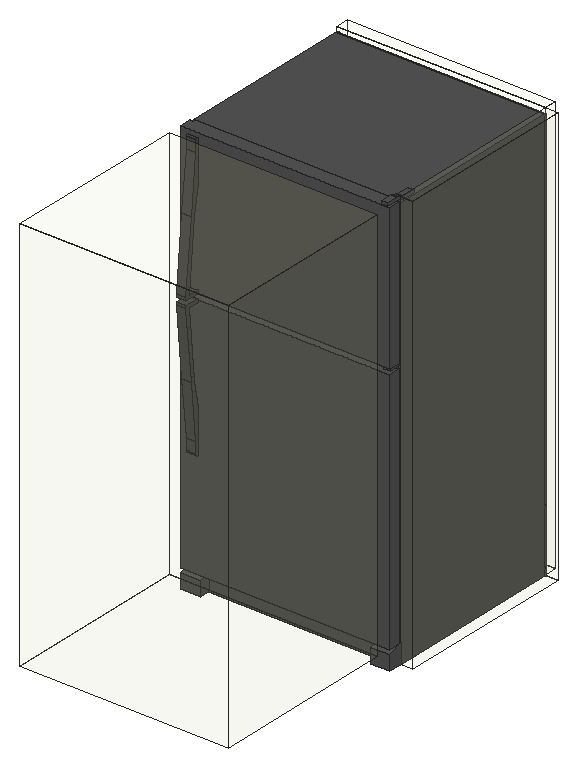
Revit family "WRT311FZDB-011c_Refrigeration_Top_Mount", category Specialty Equipment, Revit 2026
Family settings
  Round Connector Dimension = Use Diameter
  Part Type = Normal
  Work Plane-Based = No
  Enable Cutting in Views = No
  Always vertical = Yes
  Cut with Voids When Loaded = No
  Maintain Annotation Orientation = No
  Shared = No
  Room Calculation Point = No
Parameters (values of type "WRT311FZDB")
  Width = 32 3/4"
  Warranty Duration (Years) = "One year limited"
  Voltage = 120 V
  URL = "https://www.whirlpool.com/kitchen/refrigeration/refrigerators/top-freezer/p.33-inch-wide-top-freezer-refrigerator-20-cu.-ft.wrt311fzdz.html"
  Specification = ""
  SpecWizard = ""
  Show Clearance [instance] = yes
  Send Message = ""
  Sales Information = "https://www.whirlpool.com/kitchen/refrigeration/refrigerators/top-freezer/p.33-inch-wide-top-freezer-refrigerator-20-cu.-ft.wrt311fzdz.html"
  Product Data = "https://www.whirlpool.com/content/dam/global/documents/201710/InstallationandOwnersManual-W10726840-RevA.pdf"
  Model = "WRT311FZDB"
  Manufacturer Website = ""
  Manufacturer Phone - Toll Free = ""
  Manufacturer Phone = ""
  Manufacturer Fax = ""
  Manufacturer Email = ""
  Manufacturer Address = ""
  Manufacturer = "Whirlpool"
  Maintenance Schedule (Months) = "NA"
  Leg Material = ARCAT - Plastic - Black
  Installation-Fabrication = "https://www.whirlpool.com/content/dam/global/documents/201410/dimension-guide-W10674106-D-WH.pdf"
  Installation Phase = "NA"
  Height = 66 1/4"
  Handle Material = ARCAT - Metal - Steel - Gray
  HW size = 0"
  Family Name = "Freestanding Refrigerator"
  Expected Lifespan (Years) = "NA"
  Exhaust size = 0"
  Drawn By = ""
  Drain size = 0"
  Door Material = ARCAT - Metal - Steel - Black
  Description = "Whirlpool® 33-inch Wide Top Freezer Refrigerator - 20 cu. ft"
  Depth = 32 7/8"
  Default Elevation = 0"
  Copyright = ""
  Clearance Material = ARCAT - Clearance
  CW size = 0"
  Body Material = ARCAT - Metal - Steel - Black
  Apparent Load = 0 VA
  Amps = 15 A
Reference planes (in)
  plane 1 "Center (Front/Back)": y = 0
  plane 2: z = 0
  plane 3 "Center (Left/Right)": x = 0
  plane 4: z = 66.25
  plane 5: x = -16.375
  plane 6: x = 16.375
  plane 7: y = -34.875
  plane 8: y = -2
Forms (in)
  Extrusion 1, solid, material "ARCAT - Clearance" <- "Clearance Material", visible <- "Show Clearance", detail levels medium+fine
    sketch origin (63.95747, -180.25, 0) x (-1, 0, 0) y (0, -1, 0)
      loop
        line (47.58247, -145.375) -> (80.33247, -145.375) -> (80.33247, -116) -> (47.58247, -116) -> (47.58247, -145.375)
    from 3.5 to 65.75
  Extrusion 2, solid, material "ARCAT - Clearance" <- "Clearance Material", visible <- "Show Clearance", detail levels medium+fine
    sketch origin (63.95747, -149.5, 0) x (-1, 0, 0) y (0, -1, 0)
      loop
        line (47.58247, -149.5) -> (80.33247, -149.5) -> (80.33247, -147.5) -> (47.58247, -147.5) -> (47.58247, -149.5)
    from 0.5 to 66.25
  Extrusion 3, solid, material "ARCAT - Clearance" <- "Clearance Material", visible <- "Show Clearance", detail levels medium+fine
    sketch origin (91.95747, -164.38786, 0) x (-1, 0, 0) y (0, -1, 0)
      loop
        line (73.58247, -162.38786) -> (75.58247, -162.38786) -> (75.58247, -133.88786) -> (73.58247, -133.88786) -> (73.58247, -162.38786)
    from 0.5 to 66.25
  Extrusion 4, solid, material "ARCAT - Metal - Steel - Black" <- "Body Material"
    sketch origin (0, -3.25, 0) x (1, 0, 0) y (0, 1, 0)
      loop
        line (-16.375, 1.125) -> (-16.375, -27.25) -> (16.375, -27.25) -> (16.375, 1.125) -> (-16.375, 1.125)
    from 0.5 to 65.5
  Extrusion 5, solid, material "ARCAT - Metal - Steel - Black" <- "Door Material"
    sketch origin (0, -4.75, 58.5) x (1, 0, 0) y (0, 1, 0)
      loop
        line (-16.375, -26.10355) -> (-16.375, -27.875) -> (16.375, -27.875) -> (16.375, -26.10355) -> (15.875, -26.10355) -> (15.875, -25.75) -> (-15.875, -25.75) -> (-15.875, -26.10355) -> (-16.375, -26.10355)
    from -15.5 to 7.25
  Extrusion 6, solid, material "ARCAT - Metal - Steel - Black" <- "Body Material"
    sketch origin (-16.375, -2.125, 0) x (1, 0, 0) y (0, 0, -1)
      loop
        line (32.75, -10.5) -> (32.75, -1.75) -> (31.75, -1.75) -> (31.75, -0.5) -> (1, -0.5) -> (1, -1.75) -> (0, -1.75) -> (0, -4.29678) -> (2, -4.29678) -> (2, -6.16758) -> (0, -6.16758) -> (0, -10.5) -> (22.79749, -10.5) -> (22.79749, -9) -> (23.54749, -9) -> (23.54749, -10.5) -> (32.75, -10.5)
    from 0 to 0.125
  Extrusion 7, solid, material "ARCAT - Metal - Steel - Black" <- "Body Material"
    sketch origin (-14.1746, -2.125, -0.95577) x (1, 0, 0) y (0, 0, -1)
      loop
        circle (29.2996, -11.70577) r 0.25
    from 0 to 0.03125
  Extrusion 8, solid, material "ARCAT - Plastic - Black" <- "Leg Material"
    sketch origin (4.68238, 16.64858, 0.5) x (1, 0, 0) y (0, -1, 0)
      loop
        circle (-18.55738, 21.14858) r 0.75
    from 0 to 0.5
  Extrusion 9, solid, material "ARCAT - Plastic - Black" <- "Leg Material"
    sketch origin (-4.68238, 16.64858, 0.5) x (1, 0, 0) y (0, -1, 0)
      loop
        circle (18.55738, 21.14858) r 0.75
    from 0 to 0.5
  Extrusion 10, solid, material "ARCAT - Plastic - Black" <- "Leg Material"
    sketch origin (4.68238, -3.60142, 0.5) x (1, 0, 0) y (0, -1, 0)
      loop
        circle (-18.55738, 22.39858) r 0.75
    from 0 to 0.5
  Extrusion 11, solid, material "ARCAT - Plastic - Black" <- "Leg Material"
    sketch origin (-4.68238, -3.60142, 0.5) x (1, 0, 0) y (0, -1, 0)
      loop
        circle (18.55738, 22.39858) r 0.75
    from 0 to 0.5
  Extrusion 12, solid, material "ARCAT - Metal - Steel - Gray" <- "Handle Material"
    sketch origin (-15.3125, -3.25, 38.625) x (0, 0, 1) y (0, 1, 0)
      loop
        arc (19.73308, -29.375) -> (17.65687, -29.64998) -> (15.59639, -30.02501) r 43.31025
        arc (15.59639, -30.02501) -> (10.26376, -30.84893) -> (4.875, -31.12638) r 53
        line (4.875, -31.12638) -> (4.875, -29.375) -> (4.375, -29.375) -> (4.375, -31.625)
        arc (4.375, -31.625) -> (4.58156, -31.6259) -> (4.78812, -31.62635) r 95.84862
        arc (4.78812, -31.62635) -> (10.27151, -31.35075) -> (15.69779, -30.51462) r 53.5
        arc (15.69779, -30.51462) -> (20.0161, -29.84799) -> (24.37987, -29.625) r 42.81025
        line (24.37987, -29.625) -> (26.12987, -29.625)
        arc (26.12987, -29.625) -> (26.30665, -29.55178) -> (26.37987, -29.375) r 0.25
        line (26.37987, -29.375) -> (19.73308, -29.375)
    from 0 to -1.5
  Extrusion 13, solid, material "ARCAT - Metal - Steel - Black" <- "Body Material"
    sketch origin (-42.8125, -32.25, 48) x (1, 0, 0) y (0, 0, 1)
      loop
        line (29.4375, -44.5) -> (29.4375, -47.5) -> (56.1875, -47.5) -> (56.1875, -44.5) -> (29.4375, -44.5)
    from -1.75 to -1.25
  Extrusion 14, solid, material "ARCAT - Metal - Steel - Black" <- "Door Material"
    sketch origin (0, -4.75, 35.5) x (1, 0, 0) y (0, 1, 0)
      loop
        line (-16.375, -26.10355) -> (-16.375, -27.875) -> (16.375, -27.875) -> (16.375, -26.10355) -> (15.875, -26.10355) -> (15.875, -25.75) -> (-15.875, -25.75) -> (-15.875, -26.10355) -> (-16.375, -26.10355)
    from -32 to 6.75
  Extrusion 15, solid, material "ARCAT - Metal - Steel - Black" <- "Body Material"
    sketch origin (-16.375, -1.25, 0) x (0, 1, 0) y (0, 0, 1)
      loop
        line (-29.25, 3.5) -> (-31.375, 2.75) -> (-31.375, 0.5) -> (-29.25, 0.5) -> (-29.25, 3.5)
    from 0 to 3
  Extrusion 16, solid, material "ARCAT - Metal - Steel - Black" <- "Body Material"
    sketch origin (16.375, -1.25, 0) x (0, 1, 0) y (0, 0, -1)
      loop
        line (-29.25, -3.5) -> (-29.25, -0.5) -> (-31.375, -0.5) -> (-31.375, -2.75) -> (-29.25, -3.5)
    from 0 to 3
  Extrusion 17, solid, material "ARCAT - Metal - Steel - Black" <- "Body Material"
    sketch origin (-14, -2.25, 0) x (1, 0, 0) y (0, 0, -1)
      loop
        line (30.375, -65.5) -> (30.375, -10.5) -> (29.375, -10.5) -> (29.375, -64.5) -> (-1.375, -64.5) -> (-1.375, -10.5) -> (-2.375, -10.5) -> (-2.375, -65.5) -> (30.375, -65.5)
      loop
        line (30.375, -0.5) -> (29.375, -0.5) -> (29.375, -1.75) -> (30.375, -1.75) -> (30.375, -0.5)
      loop
        line (-2.375, -0.5) -> (-2.375, -1.75) -> (-1.375, -1.75) -> (-1.375, -0.5) -> (-2.375, -0.5)
    from 0.125 to 0.25
  Extrusion 18, solid, material "ARCAT - Metal - Steel - Gray" <- "Handle Material"
    sketch origin (-15.3125, -3.25, 46.625) x (0, 0, -1) y (0, -1, 0)
      loop
        line (19.73308, 29.375) -> (26.37987, 29.375)
        arc (26.37987, 29.375) -> (26.30665, 29.55178) -> (26.12987, 29.625) r 0.25
        line (26.12987, 29.625) -> (24.37987, 29.625)
        arc (24.37987, 29.625) -> (20.0161, 29.84799) -> (15.69779, 30.51462) r 42.81025
        arc (15.69779, 30.51462) -> (10.27151, 31.35075) -> (4.78812, 31.62635) r 53.5
        arc (4.78812, 31.62635) -> (4.58156, 31.6259) -> (4.375, 31.625) r 95.84862
        line (4.375, 31.625) -> (4.375, 29.375) -> (4.875, 29.375) -> (4.875, 31.12638)
        arc (4.875, 31.12638) -> (10.26376, 30.84893) -> (15.59639, 30.02501) r 53
        arc (15.59639, 30.02501) -> (17.65687, 29.64998) -> (19.73308, 29.375) r 43.31025
    from 0 to -1.5
  Extrusion 19, solid, material "ARCAT - Metal - Steel - Black" <- "Body Material"
    sketch origin (0.5, -4.75, 65.75) x (1, 0, 0) y (0, 1, 0)
      loop
        circle (15.125, -26.8125) r 0.25
    from 0 to 0.125
  Extrusion 20, solid, material "ARCAT - Metal - Steel - Black" <- "Body Material"
    sketch origin (15.125, 3.75, 48) x (0, 1, 0) y (0, 0, 1)
      loop
        line (-36.375, 17.875) -> (-34.6031, 17.875)
        arc (-34.6031, 17.875) -> (-34.42946, 17.85981) -> (-34.26108, 17.81469) r 1
        line (-34.26108, 17.81469) -> (-33.56217, 17.56031)
        arc (-33.56217, 17.56031) -> (-33.39379, 17.51519) -> (-33.22015, 17.5) r 1
        line (-33.22015, 17.5) -> (-31.25, 17.5) -> (-31.25, 17.875) -> (-33.22015, 17.875)
        arc (-33.22015, 17.875) -> (-33.39379, 17.89019) -> (-33.56217, 17.93531) r 1
        line (-33.56217, 17.93531) -> (-34.26108, 18.18969)
        arc (-34.26108, 18.18969) -> (-34.42946, 18.23481) -> (-34.6031, 18.25) r 1
        line (-34.6031, 18.25) -> (-36.375, 18.25) -> (-36.375, 17.875)
    from 0 to 1
  Extrusion 21, solid, material "ARCAT - Metal - Steel - Black" <- "Body Material"
    sketch origin (0.5, -4.75, 42.5) x (1, 0, 0) y (0, 1, 0)
      loop
        circle (15.125, -26.8125) r 0.25
    from -0.25 to 0.5
  Extrusion 22, solid, material "ARCAT - Metal - Steel - Black" <- "Body Material"
    sketch origin (15.125, 3.75, 24.5625) x (0, 1, 0) y (0, 0, 1)
      loop
        line (-35.93026, 17.875) -> (-34.25, 17.875) -> (-34.25, 18.25) -> (-35.93026, 18.25) -> (-35.93026, 17.875)
    from 0 to 1
Cuts and joins
  joined: Extrusion 19, Extrusion 20
  joined: Extrusion 21, Extrusion 22
Lines and regions (in)
  model lines
    curve 1: line (-13.625, -2, 3.60755) -> (-13.625, -2, 7.99851)
    curve 2: line (-10.625, -2, 7.99851) -> (-10.625, -2, 3.60755)
    curve 3: line (12.875, -2, 6.75) -> (12.875, -2, 9.75)
    curve 4: line (14.91509, -2, 6.75) -> (14.91509, -2, 2.125)
    curve 5: line (7.375, -2, 9.75) -> (12.875, -2, 9.75)
    curve 6: line (6.875, -2, 2.125) -> (6.875, -2, 8.75)
    curve 7: line (14.91509, -2, 2.125) -> (6.875, -2, 2.125)
    curve 11: line (-12.58491, -31, 3) -> (-12.58491, -31, 1)
    curve 12: line (-12.58491, -31, 3) -> (1.41509, -31, 3)
    curve 13: line (-10.58491, -31, 3) -> (-10.58491, -31, 1)
    curve 14: line (-8.58491, -31, 3) -> (-8.58491, -31, 1)
    curve 15: line (-6.58491, -31, 3) -> (-6.58491, -31, 1)
    curve 16: line (-4.58491, -31, 3) -> (-4.58491, -31, 1)
    curve 17: line (-2.58491, -31, 3) -> (-2.58491, -31, 1)
    curve 18: line (-0.58491, -31, 3) -> (-0.58491, -31, 1)
    curve 19: line (1.41509, -31, 3) -> (1.41509, -31, 1)
    curve 20: line (-12.58491, -31, 2.5) -> (1.41509, -31, 2.5)
    curve 21: line (-12.58491, -31, 2) -> (1.41509, -31, 2)
    curve 22: line (-12.58491, -31, 1.5) -> (1.41509, -31, 1.5)
    curve 23: line (-12.58491, -31, 1) -> (1.41509, -31, 1)
    curve 24: line (12.58491, -31, 3) -> (12.58491, -31, 1)
    curve 25: line (4.16509, -31, 3) -> (4.16509, -31, 1)
    curve 26: line (12.58491, -31, 3) -> (4.16509, -31, 3)
    curve 27: line (4.16509, -31, 1) -> (12.58491, -31, 1)
    curve 28: line (10.03836, -31, 3) -> (10.03836, -31, 1)
    curve 29: line (6.97586, -31, 3) -> (6.97586, -31, 1)
    curve 30: line (4.16509, -31, 2.25) -> (12.58491, -31, 2.25)
    curve 31: line (4.16509, -31, 1.75) -> (12.58491, -31, 1.75)
    curve 32: line (12.875, -2, 6.75) -> (14.91509, -2, 6.75)
    curve 33: line (7.375, -2, 8.75) -> (7.375, -2, 9.75)
    curve 34: line (6.875, -2, 8.75) -> (7.375, -2, 8.75)
    curve 35: arc (-13.625, -2, 7.99851) -> (-12.125, -2, 9.49851) -> (-10.625, -2, 7.99851) r 1.5
    curve 36: arc (-10.625, -2, 3.60755) -> (-12.125, -2, 2.10755) -> (-13.625, -2, 3.60755) r 1.5
  symbolic lines
    curve 8: line (-16.375, -2, 0) -> (16.375, -2, 0)
    curve 9: line (-16.375, -32.625, 0) -> (-16.375, -2, 0)
    curve 10: line (16.375, -2, 0) -> (16.375, -32.625, 0)
  symbolic lines, style "SpecialityEquipment"
    curve 37: line (-16.375, -32.625, 65.75) -> (16.375, -32.625, 65.75)
    curve 38: line (-15.3125, -32.625, 65.75) -> (-15.3125, -34.875, 65.75)
    curve 39: line (-15.3125, -34.875, 65.75) -> (-13.8125, -34.875, 65.75)
    curve 40: line (-13.8125, -34.875, 65.75) -> (-13.8125, -32.625, 65.75)
Dimensions and locks (in)
  "Height": plane 4 to plane 2
  equal spacing: plane 5, plane 3 "Center (Left/Right)", plane 6
  "Width": plane 5 to plane 6
  "Depth": plane 7 to plane 8
  aligned and locked: plane 2 to level
Automatic sketch dimensions
  Extrusion 1 sketch curve to plane 6 = 0"
  Extrusion 1 sketch curve to plane 5 = 0"
  plane 7 to Extrusion 1 sketch curve = 0"
  plane 7 to Extrusion 1 sketch curve = 29 3/8"
  Extrusion 2 sketch curve to plane 6 = 0"
  Extrusion 2 sketch curve to plane 5 = 0"
  plane 1 "Center (Front/Back)" to Extrusion 2 sketch curve = 0"
  plane 8 to Extrusion 2 sketch curve = 0"
  plane 8 to Extrusion 3 sketch curve = 0"
  Extrusion 3 sketch curve to plane 6 = 0"
  Extrusion 3 sketch curve to Extrusion 3 sketch curve = 2"
  Extrusion 3 sketch curve to plane 7 = 4 3/8"
  Extrusion 4 sketch curve to plane 5 = 0"
  Extrusion 4 sketch curve to plane 6 = 0"
  Extrusion 4 sketch curve to plane 7 = 4 3/8"
  plane 8 to Extrusion 4 sketch curve = 1/8"
  Extrusion 5 sketch curve to plane 5 = 0"
  Extrusion 5 sketch curve to plane 6 = 0"
  plane 5 to Extrusion 5 sketch curve = 1/2"
  plane 6 to Extrusion 5 sketch curve = 1/2"
  Extrusion 5 sketch curve to plane 7 = 2 1/4"
  Extrusion 5 sketch curve to Extrusion 5 sketch curve = 1.77145"  (x2)
  Extrusion 5 sketch curve to Extrusion 5 sketch curve = 0.35355"
  plane 6 to Extrusion 7 sketch curve = 1 1/4"
  level to Extrusion 7 sketch curve = 10 3/4"
  plane 5 to Extrusion 8 sketch curve = 2 1/2"
  plane 8 to Extrusion 8 sketch curve = 2 1/2"
  plane 6 to Extrusion 9 sketch curve = 2 1/2"
  plane 8 to Extrusion 9 sketch curve = 2 1/2"
  plane 5 to Extrusion 10 sketch curve = 2 1/2"
  Extrusion 10 sketch curve to plane 7 = 8 7/8"
  plane 6 to Extrusion 11 sketch curve = 2 1/2"
  Extrusion 11 sketch curve to plane 7 = 8 7/8"
  Extrusion 12 sketch curve to Extrusion 12 sketch curve = 0"  (x5)
  Extrusion 12 sketch curve to plane 7 = 0"
  Extrusion 12 sketch curve to plane 7 = 2 1/4"  (x2)
  plane 4 to Extrusion 12 sketch curve = 23 1/4"
  plane 4 to Extrusion 12 sketch curve = 22.77721"
  Extrusion 12 sketch curve to Extrusion 12 sketch curve = 1/2"
  plane 4 to Extrusion 12 sketch curve = 22.72998"
  plane 4 to Extrusion 12 sketch curve = 7.89192"
  plane 4 to Extrusion 12 sketch curve = 3.24513"
  plane 4 to Extrusion 12 sketch curve = 1.49513"
  Extrusion 12 sketch curve to Extrusion 12 sketch curve = 1/4"
  plane 7 to Extrusion 12 sketch curve = 40.81025"
  Extrusion 12 sketch curve to plane 7 = 0.49862"
  Extrusion 12 sketch curve to plane 1 "Center (Front/Back)" = 18.62362"
  Extrusion 12 sketch curve to Extrusion 12 sketch curve = 42.34859"
  level to Extrusion 13 sketch curve = 1/2"
  plane 5 to Extrusion 13 sketch curve = 3"
  plane 6 to Extrusion 13 sketch curve = 3"
  Extrusion 13 sketch curve to Extrusion 13 sketch curve = 3"
  Extrusion 14 sketch curve to plane 5 = 0"
  Extrusion 14 sketch curve to plane 6 = 0"
  plane 5 to Extrusion 14 sketch curve = 1/2"
  plane 6 to Extrusion 14 sketch curve = 1/2"
  Extrusion 14 sketch curve to plane 7 = 2 1/4"
  Extrusion 14 sketch curve to Extrusion 14 sketch curve = 1.77145"  (x2)
  Extrusion 14 sketch curve to Extrusion 14 sketch curve = 0.35355"
  Extrusion 15 sketch curve to plane 7 = 2 1/4"
  level to Extrusion 15 sketch curve = 1/2"
  Extrusion 15 sketch curve to Extrusion 15 sketch curve = 2 1/8"
  Extrusion 15 sketch curve to Extrusion 15 sketch curve = 2 1/4"
  Extrusion 15 sketch curve to Extrusion 15 sketch curve = 3/4"
  Extrusion 16 sketch curve to plane 7 = 2 1/4"
  level to Extrusion 16 sketch curve = 1/2"
  Extrusion 16 sketch curve to Extrusion 16 sketch curve = 2 1/8"
  Extrusion 16 sketch curve to Extrusion 16 sketch curve = 2 1/4"
  Extrusion 16 sketch curve to Extrusion 16 sketch curve = 3/4"
  curve 11 to Extrusion 13 = 0.79009"
  curve 12 to Extrusion 13 = 1/2"
  curve 12 to Extrusion 13 = 11.95991"
  curve 25 to Extrusion 13 = 1/2"
  curve 12 to curve 25 = 2 3/4"
  curve 26 to Extrusion 13 = 0.79009"
  curve 19 to Extrusion 13 = 1/2"
  curve 24 to Extrusion 13 = 1/2"
  curve 11 to curve 13 = 2"
  curve 13 to curve 14 = 2"
  curve 14 to curve 15 = 2"
  curve 15 to curve 16 = 2"
  curve 16 to curve 17 = 2"
  curve 17 to curve 18 = 2"
  curve 25 to curve 29 = 2.81077"
  curve 28 to curve 24 = 2.54655"
  curve 20 to curve 12 = 1/2"
  curve 30 to curve 24 = 3/4"
  curve 21 to curve 20 = 1/2"
  curve 31 to curve 30 = 1/2"
  curve 11 to curve 22 = 1/2"
  Extrusion 17 sketch curve to plane 5 = 0"  (x2)
  plane 6 to Extrusion 17 sketch curve = 0"  (x2)
  Extrusion 17 sketch curve to Extrusion 17 sketch curve = 1"  (x3)
  plane 4 to Extrusion 17 sketch curve = 3/4"
  level to Extrusion 17 sketch curve = 1/2"  (x2)
  Extrusion 18 sketch curve to Extrusion 18 sketch curve = 0"  (x5)
  Extrusion 18 sketch curve to plane 7 = 0"
  Extrusion 18 sketch curve to plane 7 = 2 1/4"  (x2)
  plane 4 to Extrusion 18 sketch curve = 24"
  plane 4 to Extrusion 18 sketch curve = 24.47279"
  Extrusion 18 sketch curve to Extrusion 18 sketch curve = 1/2"
  plane 4 to Extrusion 18 sketch curve = 24.52002"
  Extrusion 18 sketch curve to Extrusion 18 sketch curve = 14.85808"
  level to Extrusion 18 sketch curve = 22.24513"
  Extrusion 18 sketch curve to Extrusion 18 sketch curve = 1 3/4"
  Extrusion 18 sketch curve to Extrusion 18 sketch curve = 1/4"
  Extrusion 18 sketch curve to plane 1 "Center (Front/Back)" = 18.62362"
  Extrusion 18 sketch curve to Extrusion 18 sketch curve = 42.34859"
  Extrusion 18 sketch curve to plane 7 = 0.49862"
  plane 7 to Extrusion 18 sketch curve = 40.81025"
  Extrusion 19 sketch curve to Extrusion 5 = 1/4"
  Extrusion 19 sketch curve to Extrusion 5 = 0.70895"
  plane 4 to Extrusion 20 sketch curve = 0"
  plane 4 to Extrusion 20 sketch curve = 3/8"
  Extrusion 20 sketch curve to plane 7 = 2 1/4"
  Extrusion 20 sketch curve to Extrusion 20 sketch curve = 1.7719"
  Extrusion 20 sketch curve to Extrusion 20 sketch curve = 0"  (x2)
  plane 4 to Extrusion 20 sketch curve = 0.06031"
  Extrusion 20 sketch curve to Extrusion 20 sketch curve = 0.34202"  (x4)
  plane 4 to Extrusion 20 sketch curve = 0.43531"
  plane 4 to Extrusion 20 sketch curve = 0.31469"
  Extrusion 20 sketch curve to Extrusion 20 sketch curve = 0.69892"
  plane 4 to Extrusion 20 sketch curve = 0.68969"
  Extrusion 20 sketch curve to Extrusion 20 sketch curve = 1.97015"
  Extrusion 20 sketch curve to Extrusion 20 sketch curve = 0.06031"  (x2)
  plane 6 to Extrusion 21 sketch curve = 3/4"
  Extrusion 21 sketch curve to plane 7 = 3 5/16"
  Extrusion 22 sketch curve to plane 7 = 2.69474"
  Extrusion 22 sketch curve to Extrusion 22 sketch curve = 1.68026"
  plane 4 to Extrusion 22 sketch curve = 23 13/16"
  Extrusion 22 sketch curve to Extrusion 22 sketch curve = 3/8"
  curve 1 to Extrusion 6 = 2 3/4"
  curve 1 to curve 36 = 1 1/2"
  Extrusion 6 to curve 6 = 0.29749"
  curve 34 to Extrusion 6 = 0.20251"
  curve 5 to Extrusion 6 = 3/4"
  curve 5 to Extrusion 6 = 3 1/2"
  curve 4 to Extrusion 6 = 1.45991"
  curve 34 to Extrusion 6 = 1/4"
  curve 35 to Extrusion 6 = 1.00149"
  curve 32 to Extrusion 6 = 2 1/4"
  curve 2 to Extrusion 6 = 3.10755"
  curve 7 to Extrusion 6 = 1 5/8"
  Extrusion 4 to Extrusion 6 sketch curve = 0"  (x2)
  Extrusion 6 sketch curve to Extrusion 4 = 0"  (x2)
  Extrusion 6 sketch curve to Extrusion 4 = 1"
  Extrusion 6 sketch curve to Extrusion 6 sketch curve = 2"
  Extrusion 6 sketch curve to Extrusion 6 sketch curve = 9.95251"
  Extrusion 6 sketch curve to Extrusion 6 sketch curve = 3/4"
  Extrusion 6 sketch curve to Extrusion 6 sketch curve = 1"
  Extrusion 4 to Extrusion 6 sketch curve = 1 1/4"  (x2)
  Extrusion 6 sketch curve to Extrusion 6 sketch curve = 2.54678"
  Extrusion 6 sketch curve to Extrusion 6 sketch curve = 1.8708"
  Extrusion 4 to Extrusion 6 sketch curve = 8 1/2"
  Extrusion 6 sketch curve to Extrusion 6 sketch curve = 1 1/2"
  Extrusion 6 sketch curve to Extrusion 6 sketch curve = 4.33242"
  plane 3 "Center (Left/Right)" to Extrusion 17 sketch curve = 15 3/8"
  Extrusion 17 sketch curve to Extrusion 17 sketch curve = 0"
  Extrusion 17 sketch curve to Extrusion 17 sketch curve = 8 3/4"
  plane 5 to Extrusion 17 sketch curve = 1"
  Extrusion 17 sketch curve to Extrusion 17 sketch curve = 1 1/4"  (x2)
  curve 9 to plane 5 = 0"
  curve 10 to plane 6 = 0"
  plane 8 to curve 9 = 0"
  curve 10 to plane 7 = 2 1/4"
  curve 9 to plane 7 = 2 1/4"
  curve 37 to Extrusion 5 = 0"  (x3)
  curve 38 to Extrusion 5 = 9/16"
  curve 38 to curve 38 = 2 1/4"
  curve 38 to curve 39 = 1 1/2"
  radius of Extrusion 7 sketch curve = 1/4"
  radius of Extrusion 8 sketch curve = 3/4"
  radius of Extrusion 9 sketch curve = 3/4"
  radius of Extrusion 10 sketch curve = 3/4"
  radius of Extrusion 11 sketch curve = 3/4"
  radius of Extrusion 19 sketch curve = 1/4"
  radius of Extrusion 21 sketch curve = 1/4"
Connectors (in)
  electrical at (15.125, -2.09375, 10.75), driven by "Voltage", driven by "Apparent Load"
    settings: on Extrusion 7, index 5, voltage 120 V, apparent load 0 VA, apparent load phase1 0 VA, apparent load phase2 0 VA, apparent load phase3 0 VA, power factor 1, load classification "Other", number of poles 1, system type 30, power factor state 1, is connector primary yes, connector utility no, sub classification motor no, connector description "Electrical Connection"
